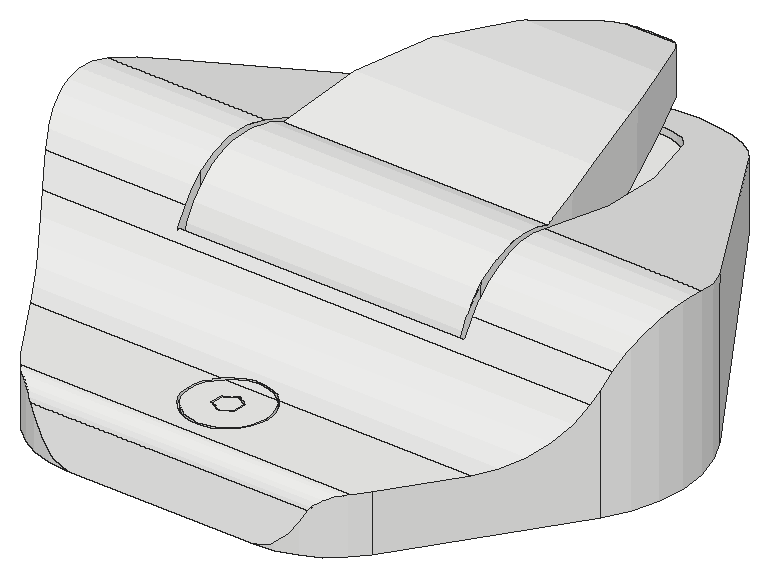
Revit family "xxxTowel_Hook-Whitehall_Mfg-Dignity_Suite-WHD-TH-Series", category Specialty Equipment, host Face, Revit 2019
Family settings
  Host = Face
  Round Connector Dimension = Use Diameter
  Part Type = Normal
  OmniClass Number = 23.40.20.21.31
  OmniClass Title = Robe Hooks
  Cut with Voids When Loaded = No
  Shared = Yes
  Room Calculation Point = No
Parameters (values of type "WHD-TH-WHITE")
  Width = 3 1/8"
  URL = "https://www.whitehallmfg.com/home"
  Type Comments = ""
  Model = "WHD-TH-WHITE"
  Max. Load Capacity = "11 lbs."
  Material = "Plastic-Whitehall Mfg-White"
  Manufacturer = "Whitehall Manufacturing"
  Length = 7/8"
  Installation Type = "Wall Mounted"
  Finish = Plastic-Whitehall Mfg-White
  Description = "Ligature Resistant Towel/Clothes Hook- White"
  Default Elevation = 40"
  Creation Date = "10/18/2022"
  Compliance Certifications = "Member of U.S. Green Building Council, Recyclable Product"
  Assembly Code = "C1030220"
  ADA Compliant = yes
Types (4): name | Model | Material | Finish | Description
  (no name) | "WHD-TH-WHITE" | "Plastic-Whitehall Mfg-White" | Plastic-Whitehall Mfg-White | "Ligature Resistant Towel/Clothes Hook- White"
  WHD-TH-WHITE | "WHD-TH-WHITE" | "Plastic-Whitehall Mfg-White" | Plastic-Whitehall Mfg-White | "Ligature Resistant Towel/Clothes Hook- White"
  WHD-TH-BLUE | "WHD-TH-BLUE" | "Plastic-Whitehall Mfg-Blue" | Plastic-Whitehall Mfg-Blue | "Ligature Resistant Towel/Clothes Hook- Blue"
  WHD-TH-GRAY | "WHD-TH-GRAY" | "Plastic-Whitehall Mfg-Gray" | Plastic-Whitehall Mfg-Gray | "Ligature Resistant Towel/Clothes Hook- Gray"
Reference planes (in)
  plane 1 "Center (Front/Back)": y = 0
  plane 2: z = 0
  plane 3 "Center (Left/Right)": x = 0
  plane 4: z = 0.875
  plane 5: x = -1.5625
  plane 6: x = 1.5625
Forms (in)
  Extrusion 1, solid, material "Plastic-Whitehall Mfg-White" <- "Finish"
    sketch origin (0, 0, 0) x (1, 0, 0) y (0, 1, 0)
      loop
        line (-0.44235, 3.2685) -> (-1.43522, 1.84294)
        arc (-1.43522, 1.84294) -> (-1.56249, 1.44826) -> (-1.4475, 1.04984) r 0.70979
        line (-1.4475, 1.04984) -> (-0.91445, 0.23159)
        arc (-0.91445, 0.23159) -> (-0.73017, 0.06162) -> (-0.48717, 0) r 0.50995
        line (-0.48717, 0) -> (0.48717, 0)
        arc (0.48717, 0) -> (0.73017, 0.06162) -> (0.91445, 0.23159) r 0.50995
        line (0.91445, 0.23159) -> (1.4475, 1.04984)
        arc (1.4475, 1.04984) -> (1.56249, 1.44826) -> (1.43522, 1.84294) r 0.70979
        line (1.43522, 1.84294) -> (0.44235, 3.2685)
        arc (0.44235, 3.2685) -> (0, 3.49947) -> (-0.44235, 3.2685) r 0.53906
    from 0 to 0.96555
  Extrusion 2, void
    sketch origin (0, 0, 0) x (0, 1, 0) y (0, 0, 1)
      loop
        line (3.63762, 0.23565) -> (3.63762, 0.96555) -> (-0.10124, 0.96555) -> (-0.10124, 0) -> (0, 0) -> (0.05675, 0.21165)
        arc (0.05675, 0.21165) -> (0.09514, 0.26909) -> (0.16056, 0.29129) r 0.10748
        line (0.16056, 0.29129) -> (0.58787, 0.29129)
        arc (0.58787, 0.29129) -> (0.83359, 0.35583) -> (1.01587, 0.53279) r 0.5
        line (1.01587, 0.53279) -> (1.09778, 0.66841)
        arc (1.09778, 0.66841) -> (1.31064, 0.84663) -> (1.58809, 0.85668) r 0.42785
        line (1.58809, 0.85668) -> (3.63762, 0.23565)
    from -1.61227 to 1.62219
  Extrusion 3, void
    sketch origin (0, 0, 0) x (1, 0, 0) y (0, 1, 0)
      loop
        circle (0, 0.43977) r 0.21081
      loop
        circle (0, 0.43977) r 0.1995
      loop
        line (0.06206, 0.4756) -> (0, 0.51143) -> (-0.06206, 0.4756) -> (-0.06206, 0.40393) -> (0, 0.3681) -> (0.06206, 0.40393) -> (0.06206, 0.4756)
      loop
        line (0.0554, 0.47175) -> (0, 0.50373) -> (-0.0554, 0.47175) -> (-0.0554, 0.40778) -> (0, 0.3758) -> (0.0554, 0.40778) -> (0.0554, 0.47175)
    from 0.27514 to 0.31405
  Extrusion 4, void
    sketch origin (0, 0, 0) x (1, 0, 0) y (0, 1, 0)
      loop
        line (-0.7466, 1.04642) -> (0.7466, 1.04642) -> (0.7466, 1.18841)
        arc (0.7466, 1.18841) -> (0.61135, 2.19526) -> (0.21518, 3.13073) r 3.81523
        arc (0.21518, 3.13073) -> (0, 3.25345) -> (-0.21518, 3.13073) r 0.25
        arc (-0.21518, 3.13073) -> (-0.61135, 2.19526) -> (-0.7466, 1.18841) r 3.81523
        line (-0.7466, 1.18841) -> (-0.7466, 1.04642)
    from 0.31405 to 1.08453
  Extrusion 5, solid, material "Plastic-Whitehall Mfg-White" <- "Finish"
    sketch origin (-0.7466, 0.97434, 0) x (0, 1, 0) y (0, 0, 1)
      loop
        line (0.07389, 0.3463) -> (0.70518, 0.3463)
        arc (0.70518, 0.3463) -> (0.74619, 0.35179) -> (0.7843, 0.36787) r 0.15587
        arc (0.7843, 0.36787) -> (1.5022, 0.62196) -> (2.26299, 0.58827) r 1.99318
        arc (2.26299, 0.58827) -> (2.29486, 0.59597) -> (2.30721, 0.62633) r 0.03593
        line (2.30721, 0.62633) -> (2.3018, 0.6882)
        arc (2.3018, 0.6882) -> (2.27225, 0.76446) -> (2.20647, 0.81308) r 0.14678
        arc (2.20647, 0.81308) -> (1.44662, 0.95298) -> (0.68411, 0.82833) r 2.25636
        arc (0.68411, 0.82833) -> (0.22446, 0.78295) -> (0.07389, 0.3463) r 0.42785
    from -0.06525 to 1.5636
  Extrusion 6, void
    sketch origin (0, 0, 0.31405) x (0, 1, 0) y (1, 0, 0)
      loop
        arc (1.18841, -0.71535) -> (2.18702, -0.5812) -> (3.11482, -0.18828) r 3.78398
        arc (3.11482, -0.18828) -> (3.2222, 0) -> (3.11482, 0.18828) r 0.21875
        arc (3.11482, 0.18828) -> (2.18702, 0.5812) -> (1.18841, 0.71535) r 3.78398
        line (1.18841, 0.71535) -> (0.97747, 0.71535) -> (0.97747, -0.71535) -> (1.18841, -0.71535)
      loop
        line (0.82767, -0.96535) -> (3.41734, -0.96535) -> (3.41734, 0.96535) -> (0.82767, 0.96535) -> (0.82767, -0.96535)
    from -0.68793 to 0.19398
Cuts and joins
  Extrusion 2, Extrusion 3, Extrusion 4 cuts Extrusion 1
  Extrusion 6 cuts Extrusion 5
Lines and regions (in)
  Masking region 1
    outline origin (0, 0, 0) x (1, 0, 0) y (0, 0, 1)
      loop
        line (1.56257, 0) -> (1.56257, 0.87694) -> (0.66256, 0.87694)
        arc (0.66256, 0.87694) -> (0.61088, 0.93291) -> (0.53756, 0.9536) r 0.14026
        line (0.53756, 0.9536) -> (-0.53756, 0.9536)
        arc (-0.53756, 0.9536) -> (-0.61088, 0.93291) -> (-0.66256, 0.87694) r 0.14026
        line (-0.66256, 0.87694) -> (-1.56257, 0.87694) -> (-1.56257, 0) -> (1.56257, 0)
  symbolic lines, detail levels medium+fine
    curve 1: spline (1.43522, 0, 0.77946) -> (1.45138, 0, 0.78682) -> (1.46652, 0, 0.79436) -> (1.48061, 0, 0.80207) -> (1.49365, 0, 0.80993) -> (1.50559, 0, 0.81794) -> (1.51643, 0, 0.82608) -> (1.52615, 0, 0.83434) -> (1.53473, 0, 0.8427) -> (1.54217, 0, 0.85116) -> (1.54844, 0, 0.85969) -> (1.55354, 0, 0.86829) -> (1.55746, 0, 0.87694)
    curve 2: line (0.49867, 0, 0.372) -> (1.43522, 0, 0.77946)
    curve 3: line (-1.43522, 0, 0.77946) -> (-0.49867, 0, 0.372)
    curve 4: spline (-1.55746, 0, 0.87694) -> (-1.55354, 0, 0.86829) -> (-1.54844, 0, 0.85969) -> (-1.54217, 0, 0.85116) -> (-1.53473, 0, 0.8427) -> (-1.52615, 0, 0.83434) -> (-1.51643, 0, 0.82608) -> (-1.50559, 0, 0.81794) -> (-1.49365, 0, 0.80993) -> (-1.48061, 0, 0.80207) -> (-1.46652, 0, 0.79436) -> (-1.45138, 0, 0.78682) -> (-1.43522, 0, 0.77946)
    curve 5: arc (0.49867, 0, 0.372) -> (0, 0, 0.26823) -> (-0.49867, 0, 0.372) r 1.25
    curve 6: spline (0.73195, 0, 0.87695) -> (0.71708, 0, 0.8342) -> (0.69691, 0, 0.79164) -> (0.67147, 0, 0.74931) -> (0.64078, 0, 0.70728) -> (0.60489, 0, 0.66559) -> (0.56384, 0, 0.62431) -> (0.51769, 0, 0.58349) -> (0.46649, 0, 0.54317) -> (0.41032, 0, 0.50341) -> (0.34924, 0, 0.46427) -> (0.28334, 0, 0.42579) -> (0.2127, 0, 0.38803)
    curve 7: spline (0.2127, 0, 0.38803) -> (0.18834, 0, 0.37777) -> (0.15817, 0, 0.3689) -> (0.12311, 0, 0.3617) -> (0.08426, 0, 0.3564) -> (0.0428, 0, 0.35315) -> (0.00002, 0, 0.35205) -> (-0.04276, 0, 0.35314) -> (-0.08422, 0, 0.35639) -> (-0.12308, 0, 0.3617) -> (-0.15814, 0, 0.36889) -> (-0.18831, 0, 0.37776) -> (-0.21267, 0, 0.38802)
    curve 8: spline (-0.21267, 0, 0.38802) -> (-0.28332, 0, 0.42578) -> (-0.34922, 0, 0.46426) -> (-0.4103, 0, 0.50341) -> (-0.46648, 0, 0.54316) -> (-0.51767, 0, 0.58348) -> (-0.56383, 0, 0.62431) -> (-0.60488, 0, 0.66559) -> (-0.64077, 0, 0.70727) -> (-0.67146, 0, 0.7493) -> (-0.69691, 0, 0.79163) -> (-0.71708, 0, 0.83419) -> (-0.73195, 0, 0.87694)
  symbolic lines, detail levels fine
    curve 9: line (0.53371, 0, 0.61375) -> (0.18828, 0, 0.61375)
    curve 10: line (-0.18828, 0, 0.61375) -> (-0.55243, 0, 0.61375)
    curve 11: spline (0.46734, 0, 0.9536) -> (0.44783, 0, 0.95059) -> (0.42766, 0, 0.94639) -> (0.40686, 0, 0.94098) -> (0.38545, 0, 0.93439) -> (0.36342, 0, 0.9266) -> (0.3408, 0, 0.91763) -> (0.31761, 0, 0.90748) -> (0.29385, 0, 0.89617) -> (0.26955, 0, 0.88368) -> (0.24472, 0, 0.87005) -> (0.21937, 0, 0.85526) -> (0.19353, 0, 0.83934)
    curve 12: line (0.1281, 0, 0.81302) -> (-0.12803, 0, 0.81302)
    curve 13: spline (-0.12803, 0, 0.81302) -> (-0.13468, 0, 0.81486) -> (-0.14113, 0, 0.81678) -> (-0.14737, 0, 0.81875) -> (-0.15338, 0, 0.82079) -> (-0.15917, 0, 0.82289) -> (-0.16473, 0, 0.82504) -> (-0.17004, 0, 0.82724) -> (-0.1751, 0, 0.82949) -> (-0.1799, 0, 0.83179) -> (-0.18443, 0, 0.83414) -> (-0.1887, 0, 0.83652) -> (-0.19269, 0, 0.83894)
    curve 14: spline (0.19353, 0, 0.83934) -> (0.18952, 0, 0.83692) -> (0.18523, 0, 0.83452) -> (0.18066, 0, 0.83216) -> (0.17581, 0, 0.82984) -> (0.1707, 0, 0.82756) -> (0.16533, 0, 0.82533) -> (0.1597, 0, 0.82314) -> (0.15383, 0, 0.821) -> (0.14773, 0, 0.81892) -> (0.1414, 0, 0.81689) -> (0.13485, 0, 0.81492) -> (0.1281, 0, 0.81302)
    curve 15: spline (-0.46734, 0, 0.9536) -> (-0.44778, 0, 0.95059) -> (-0.42757, 0, 0.94637) -> (-0.40671, 0, 0.94095) -> (-0.38524, 0, 0.93433) -> (-0.36315, 0, 0.92652) -> (-0.34046, 0, 0.91752) -> (-0.3172, 0, 0.90734) -> (-0.29337, 0, 0.89598) -> (-0.26898, 0, 0.88345) -> (-0.24407, 0, 0.86976) -> (-0.21863, 0, 0.85492) -> (-0.19269, 0, 0.83894)
    curve 16: arc (0.66256, 0, 0.87694) -> (0.68469, 0, 0.8309) -> (0.69054, 0, 0.78015) r 0.1541
    curve 17: arc (-0.66256, 0, 0.87694) -> (-0.68469, 0, 0.8309) -> (-0.69054, 0, 0.78015) r 0.1541
    curve 18: arc (-0.18828, 0, 0.61375) -> (0, 0, 0.54069) -> (0.18828, 0, 0.61375) r 0.27912
Dimensions and locks (in)
  "Length": level to plane 4
  "Width": plane 5 to plane 6
  equal spacing: plane 5, plane 3 "Center (Left/Right)", plane 6
  aligned and locked: plane 2 to host face
  aligned and locked: level to host face
Automatic sketch dimensions
  host sketch curve to host sketch curve = 17.81208"
  host sketch curve to host sketch curve = 20.6244"
  plane 1 "Center (Front/Back)" to Extrusion 1 sketch curve = 0"
  Extrusion 1 sketch curve to plane 3 "Center (Left/Right)" = 0"
  Extrusion 1 sketch curve to plane 3 "Center (Left/Right)" = 0.44235"
  Extrusion 1 sketch curve to plane 3 "Center (Left/Right)" = 0.48717"
  Extrusion 1 sketch curve to plane 3 "Center (Left/Right)" = 0.85278"
  Extrusion 1 sketch curve to plane 1 "Center (Front/Back)" = 0.23159"  (x2)
  Extrusion 1 sketch curve to Extrusion 1 sketch curve = 0.42728"  (x2)
  Extrusion 1 sketch curve to Extrusion 1 sketch curve = 0.58244"  (x2)
  Extrusion 1 sketch curve to plane 1 "Center (Front/Back)" = 1.04984"  (x2)
  Extrusion 1 sketch curve to Extrusion 1 sketch curve = 0.59472"  (x2)
  plane 3 "Center (Left/Right)" to Extrusion 1 sketch curve = 0.44235"
  plane 3 "Center (Left/Right)" to Extrusion 1 sketch curve = 0.48717"
  plane 3 "Center (Left/Right)" to Extrusion 1 sketch curve = 0.85278"
  Extrusion 1 sketch curve to Extrusion 1 sketch curve = 0.38744"  (x2)
  Extrusion 1 sketch curve to Extrusion 1 sketch curve = 1.52313"
  Extrusion 1 sketch curve to Extrusion 1 sketch curve = 0.30809"
  Extrusion 2 sketch curve to level = 0"
  Extrusion 2 sketch curve to plane 1 "Center (Front/Back)" = 0"
  plane 1 "Center (Front/Back)" to Extrusion 2 sketch curve = 0.10124"
  Extrusion 2 sketch curve to plane 1 "Center (Front/Back)" = 0.05675"
  Extrusion 2 sketch curve to Extrusion 2 sketch curve = 0.10381"
  plane 4 to Extrusion 2 sketch curve = 0.08371"
  Extrusion 2 sketch curve to plane 1 "Center (Front/Back)" = 0.58787"
  plane 4 to Extrusion 2 sketch curve = 0.34221"
  Extrusion 2 sketch curve to Extrusion 2 sketch curve = 0.42799"
  plane 4 to Extrusion 2 sketch curve = 0.20659"
  Extrusion 2 sketch curve to Extrusion 2 sketch curve = 0.08191"
  Extrusion 2 sketch curve to Extrusion 2 sketch curve = 0.36624"
  plane 4 to Extrusion 2 sketch curve = 0.01832"
  Extrusion 2 sketch curve to Extrusion 2 sketch curve = 0.12407"
  level to Extrusion 2 sketch curve = 0.23565"
  Extrusion 2 sketch curve to Extrusion 2 sketch curve = 2.04953"
  Extrusion 2 sketch curve to Extrusion 2 sketch curve = 0.10748"
  Extrusion 2 sketch curve to plane 4 = 0.09055"
  Extrusion 3 sketch curve to Extrusion 3 sketch curve = 0"  (x2)
  Extrusion 3 sketch curve to plane 3 "Center (Left/Right)" = 0"  (x5)
  Extrusion 3 sketch curve to plane 3 "Center (Left/Right)" = 0.0554"
  Extrusion 3 sketch curve to Extrusion 3 sketch curve = 0.00667"  (x2)
  plane 3 "Center (Left/Right)" to Extrusion 3 sketch curve = 0.0554"
  Extrusion 3 sketch curve to plane 1 "Center (Front/Back)" = 0.3681"
  Extrusion 3 sketch curve to Extrusion 3 sketch curve = 0.0077"  (x2)
  Extrusion 3 sketch curve to Extrusion 3 sketch curve = 0.02814"  (x2)
  Extrusion 3 sketch curve to Extrusion 3 sketch curve = 0.00385"  (x4)
  Extrusion 3 sketch curve to Extrusion 3 sketch curve = 0.03198"  (x4)
  Extrusion 4 sketch curve to plane 3 "Center (Left/Right)" = 0"
  Extrusion 4 sketch curve to plane 3 "Center (Left/Right)" = 0.7466"
  Extrusion 4 sketch curve to Extrusion 4 sketch curve = 2.32203"  (x2)
  plane 3 "Center (Left/Right)" to Extrusion 4 sketch curve = 0.7466"
  Extrusion 4 sketch curve to plane 1 "Center (Front/Back)" = 1.04642"
  Extrusion 4 sketch curve to Extrusion 4 sketch curve = 0.14199"  (x2)
  Extrusion 4 sketch curve to Extrusion 4 sketch curve = 1.81504"
  Extrusion 4 sketch curve to Extrusion 4 sketch curve = 0"
  Extrusion 5 sketch curve to Extrusion 4 = 0.00181"
  Extrusion 4 to Extrusion 5 sketch curve = 0.13317"
  Extrusion 4 to Extrusion 5 sketch curve = 0.2756"
  Extrusion 5 sketch curve to Extrusion 5 sketch curve = 0.21551"
  Extrusion 4 to Extrusion 5 sketch curve = 1.20994"
  Extrusion 5 sketch curve to Extrusion 5 sketch curve = 0.37202"
  Extrusion 4 to Extrusion 5 sketch curve = 0.36136"
  Extrusion 5 sketch curve to Extrusion 5 sketch curve = 1.45039"
  Extrusion 5 sketch curve to Extrusion 5 sketch curve = 0.11584"
  Extrusion 4 to Extrusion 5 sketch curve = 0.37415"
  Extrusion 5 sketch curve to Extrusion 5 sketch curve = 0.03038"
  Extrusion 4 to Extrusion 5 sketch curve = 0.31229"
  Extrusion 5 sketch curve to Extrusion 5 sketch curve = 0.0358"
  Extrusion 4 to Extrusion 5 sketch curve = 0.03226"
  Extrusion 5 sketch curve to Extrusion 4 = 1.61731"
  Extrusion 5 sketch curve to Extrusion 5 sketch curve = 0.04618"
  Extrusion 5 sketch curve to Extrusion 5 sketch curve = 0.15587"
  Extrusion 5 sketch curve to Extrusion 5 sketch curve = 0.00313"
  Extrusion 4 to Extrusion 5 sketch curve = 0.2562"
  Extrusion 5 sketch curve to Extrusion 5 sketch curve = 0"
  Extrusion 4 to Extrusion 6 sketch curve = 0.06895"
  Extrusion 4 to Extrusion 6 sketch curve = 7/32"  (x3)
  Extrusion 6 sketch curve to Extrusion 6 sketch curve = 0.30253"
  Masking region 1 sketch curve to level = 0"
  Masking region 1 sketch curve to plane 5 = 0.00007"
  Masking region 1 sketch curve to plane 4 = 0.00194"  (x2)
  Masking region 1 sketch curve to plane 3 "Center (Left/Right)" = 0.66256"
  Masking region 1 sketch curve to plane 4 = 0.0786"
  Masking region 1 sketch curve to Masking region 1 sketch curve = 1/8"  (x2)
  plane 3 "Center (Left/Right)" to Masking region 1 sketch curve = 0.53756"
  Masking region 1 sketch curve to plane 6 = 0.00007"
  curve 5 to plane 3 "Center (Left/Right)" = 0"
  curve 18 to plane 3 "Center (Left/Right)" = 0"
  plane 4 to curve 12 = 0.06198"
  curve 12 to plane 3 "Center (Left/Right)" = 0.12803"
  curve 3 to plane 3 "Center (Left/Right)" = 0.49867"
  plane 4 to curve 17 = 0.0869"
  curve 17 to curve 12 = 0.40862"
  plane 5 to curve 3 = 0.12728"
  plane 3 "Center (Left/Right)" to curve 12 = 0.1281"
  plane 3 "Center (Left/Right)" to curve 2 = 0.49867"
  plane 4 to curve 16 = 0.0869"
  curve 14 to curve 16 = 0.40855"
  plane 6 to curve 2 = 0.12728"
  plane 4 to curve 3 = 0.09554"
  plane 4 to curve 2 = 0.09554"
  level to curve 2 = 0.372"
  plane 4 to curve 18 = 0.05519"
  curve 5 to plane 4 = 0.64323"
  curve 14 to plane 3 "Center (Left/Right)" = 0.01229"
  curve 10 to plane 3 "Center (Left/Right)" = 0.18828"
  curve 13 to curve 12 = 0.06466"
  curve 8 to plane 3 "Center (Left/Right)" = 0.21267"
  plane 4 to curve 13 = 0.00294"
  curve 13 to curve 13 = 0.02478"
  curve 7 to curve 8 = 0.03172"
  curve 15 to plane 4 = 0.0786"
  curve 17 to curve 15 = 0.0693"
  curve 11 to plane 3 "Center (Left/Right)" = 0.53294"
  curve 10 to curve 17 = 0.01579"
  curve 15 to plane 4 = 0.05275"
  curve 15 to curve 15 = 0.14274"
  curve 17 to plane 4 = 0.00194"
  curve 17 to curve 15 = 0.05248"
  plane 4 to curve 17 = 0.09485"
  curve 8 to plane 4 = 0.00194"
  curve 8 to curve 17 = 0.06938"
  curve 8 to curve 8 = 0.01398"
  curve 4 to plane 4 = 0.02629"
  curve 4 to curve 8 = 0.07122"
  plane 5 to curve 4 = 0.00504"
  plane 5 to curve 4 = 0.00038"
  curve 6 to plane 4 = 0.10016"
  curve 6 to plane 5 = 1.80208"
  plane 3 "Center (Left/Right)" to curve 7 = 0"
  plane 3 "Center (Left/Right)" to curve 13 = 0.01254"
  plane 3 "Center (Left/Right)" to curve 9 = 0.18828"
  curve 14 to curve 14 = 0.06543"
  plane 3 "Center (Left/Right)" to curve 7 = 0.2127"
  plane 4 to curve 14 = 0.00367"
  curve 11 to curve 14 = 0.0241"
  curve 11 to plane 4 = 0.0786"
  curve 11 to curve 16 = 0.0693"
  curve 9 to curve 16 = 0.00294"
  curve 11 to plane 4 = 0.05275"
  curve 16 to plane 4 = 0.00194"
  curve 11 to curve 16 = 0.05248"
  plane 4 to curve 16 = 0.09485"
  curve 6 to plane 4 = 0.00195"
  curve 16 to curve 6 = 0.06938"
  curve 1 to plane 4 = 0.02629"
  curve 6 to curve 1 = 0.07122"
  plane 6 to curve 1 = 0.00504"
  plane 6 to curve 1 = 0.00038"
  curve 9 to curve 14 = 0.19927"
  radius of Extrusion 3 sketch curve = 0.21081"
  radius of Extrusion 3 sketch curve = 0.1995"
  radius of Extrusion 6 sketch curve to Extrusion 4 = 1/32"  (x3)
